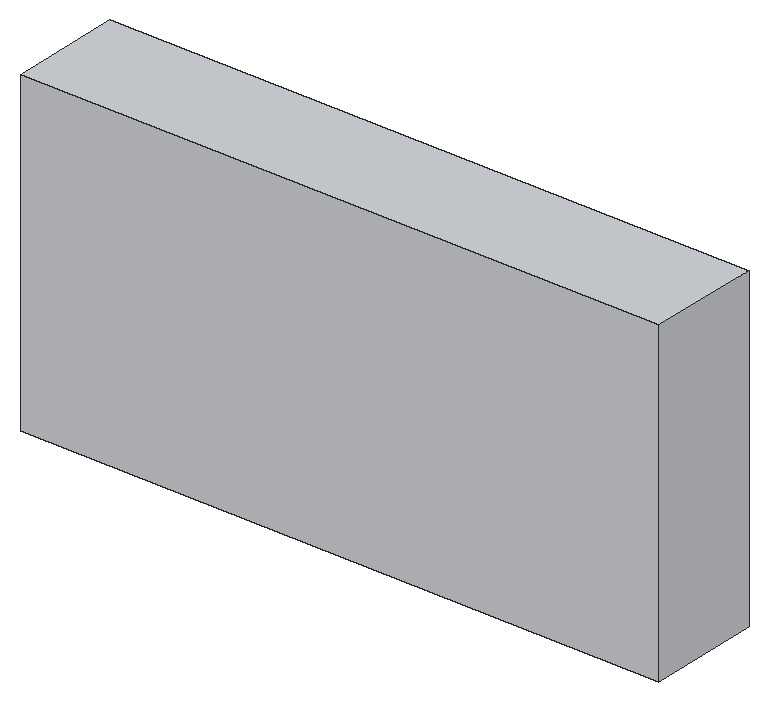
Revit family
Parameters
  Sign Thickness = 70 mm
  Height = 2200 mm
Reference planes
  plane 1 "Center (Front/Back)": y = -179.092
  plane 2: z = 0
  plane 3 "Center (Left/Right)": x = 0
  plane 4: z = 2200
  plane 5: y = -109.092
Forms (mm)
  Extrusion 1, solid
    sketch origin (0, -179.092, 0) x (1, 0, 0) y (0, 0, 1)
      loop
        line (200, 2100) -> (200, 2300) -> (-200, 2300) -> (-200, 2100) -> (200, 2100)
    from 0 to -70
Lines and regions (mm)
  model lines, style "Signage"
    curve 1: line (-186.667, -179.092, 2286.667) -> (186.667, -179.092, 2286.667)
    curve 2: line (186.667, -179.092, 2113.333) -> (-186.667, -179.092, 2113.333)
    curve 3: line (-186.667, -179.092, 2286.667) -> (-186.667, -179.092, 2113.333)
    curve 4: line (-161.521, -179.092, 2150.712) -> (-161.521, -179.092, 2162.191)
    curve 5: line (-161.521, -179.092, 2162.191) -> (-127.059, -179.092, 2162.191)
    curve 6: line (-112.277, -179.092, 2150.712) -> (-161.521, -179.092, 2150.712)
    curve 7: line (-112.277, -179.092, 2177.529) -> (-112.277, -179.092, 2150.712)
    curve 8: line (-87.618, -179.092, 2165.311) -> (-110.355, -179.092, 2177.529)
    curve 9: line (-87.618, -179.092, 2133.972) -> (-87.618, -179.092, 2165.311)
    curve 10: line (-74.498, -179.092, 2133.972) -> (-87.618, -179.092, 2133.972)
    curve 11: line (-74.498, -179.092, 2173.336) -> (-74.498, -179.092, 2133.972)
    curve 12: line (-100.728, -179.092, 2187.432) -> (-74.498, -179.092, 2173.336)
    curve 13: line (-87.703, -179.092, 2210.397) -> (-100.728, -179.092, 2187.432)
    curve 14: line (-87.703, -179.092, 2210.397) -> (-87.703, -179.092, 2196.317)
    curve 15: line (-46.399, -179.092, 2196.317) -> (-87.703, -179.092, 2196.317)
    curve 16: line (-46.399, -179.092, 2206.235) -> (-46.399, -179.092, 2196.317)
    curve 17: line (-46.399, -179.092, 2206.235) -> (-75.284, -179.092, 2206.235)
    curve 18: line (-75.284, -179.092, 2230.094) -> (-75.284, -179.092, 2206.235)
    curve 19: arc (-96.01, -179.092, 2240.796) -> (-87.517, -179.092, 2231.823) -> (-75.284, -179.092, 2230.094) r 18.724
    curve 20: line (-130.253, -179.092, 2240.796) -> (-96.01, -179.092, 2240.796)
    curve 21: line (-144.258, -179.092, 2214.764) -> (-130.253, -179.092, 2240.796)
    curve 22: line (-144.258, -179.092, 2214.764) -> (-144.258, -179.092, 2207.491)
    curve 23: line (-144.258, -179.092, 2207.491) -> (-134.668, -179.092, 2207.491)
    curve 24: line (-134.668, -179.092, 2207.491) -> (-122.065, -179.092, 2230.919)
    curve 25: line (-104.022, -179.092, 2230.919) -> (-122.065, -179.092, 2230.919)
    curve 26: line (-127.059, -179.092, 2190.3) -> (-104.022, -179.092, 2230.919)
    curve 27: line (-127.059, -179.092, 2162.191) -> (-127.059, -179.092, 2190.3)
    curve 28: arc (-63.758, -179.092, 2248.46) -> (-78.927, -179.092, 2263.629) -> (-94.095, -179.092, 2248.46) r 15.168
    curve 29: arc (-94.095, -179.092, 2248.46) -> (-78.927, -179.092, 2233.292) -> (-63.758, -179.092, 2248.46) r 15.168
    curve 30: line (96.822, -179.092, 2133.972) -> (96.822, -179.092, 2263.629)
    curve 31: line (96.822, -179.092, 2263.629) -> (166.312, -179.092, 2263.629)
    curve 32: line (166.312, -179.092, 2263.629) -> (166.312, -179.092, 2133.972)
    curve 33: line (166.312, -179.092, 2133.972) -> (96.822, -179.092, 2133.972)
    curve 34: line (87.643, -179.092, 2183.578) -> (65.468, -179.092, 2166.638)
    curve 35: line (65.468, -179.092, 2200.518) -> (87.643, -179.092, 2183.578)
    curve 36: line (-42.014, -179.092, 2189.233) -> (65.468, -179.092, 2189.233)
    curve 37: line (65.468, -179.092, 2189.233) -> (65.468, -179.092, 2200.518)
    curve 38: line (65.468, -179.092, 2166.638) -> (65.468, -179.092, 2177.924)
    curve 39: line (65.468, -179.092, 2177.924) -> (-42.014, -179.092, 2177.924)
    curve 40: line (-42.014, -179.092, 2189.233) -> (-42.014, -179.092, 2177.924)
    curve 41: line (186.667, -179.092, 2286.667) -> (186.667, -179.092, 2113.333)
  symbolic lines, style "2D Signage Placement Lines"
    curve 42: line (-150, -109.092, 0) -> (150, -109.092, 0)
    curve 43: line (0, -109.092, 0) -> (0, -259.092, 0)
Dimensions and locks
  "Height": plane 4 to level
  "Sign Thickness": plane 1 "Center (Front/Back)" to plane 5
  aligned and locked: Extrusion 1 to plane 5
  aligned and locked: plane 1 "Center (Front/Back)" to Extrusion 1
Automatic sketch dimensions
  plane 4 to Extrusion 1 sketch curve = 100 mm
  Extrusion 1 sketch curve to plane 3 "Center (Left/Right)" = 200 mm
  plane 3 "Center (Left/Right)" to Extrusion 1 sketch curve = 200 mm
  Extrusion 1 sketch curve to plane 4 = 100 mm
  curve 19 to curve 28 = 0 mm  (x2)
  curve 40 to plane 3 "Center (Left/Right)" = 42.014 mm
  plane 4 to curve 16 = 3.683 mm
  curve 16 to curve 36 = 4.385 mm
  curve 29 to curve 16 = 17.359 mm
  curve 10 to curve 39 = 32.484 mm
  curve 18 to curve 29 = 11.526 mm
  curve 29 to curve 29 = 15.168 mm
  curve 10 to curve 10 = 13.121 mm
  curve 14 to curve 17 = 12.419 mm
  curve 19 to curve 29 = 1.915 mm
  plane 4 to curve 12 = 12.568 mm
  curve 12 to curve 14 = 13.025 mm
  curve 26 to plane 4 = 30.919 mm
  curve 26 to curve 19 = 8.012 mm
  plane 4 to curve 8 = 22.471 mm
  curve 8 to curve 12 = 9.627 mm
  curve 7 to curve 8 = 1.922 mm
  curve 24 to curve 25 = 18.043 mm
  plane 4 to curve 26 = 9.7 mm
  curve 26 to curve 7 = 14.782 mm
  curve 20 to curve 24 = 8.188 mm
  curve 23 to plane 4 = 7.491 mm
  curve 23 to curve 26 = 7.609 mm
  curve 21 to plane 4 = 14.764 mm
  curve 21 to curve 23 = 9.589 mm
  curve 6 to curve 5 = 34.462 mm
  curve 1 to curve 20 = 56.413 mm
  plane 4 to curve 36 = 10.767 mm
  plane 3 "Center (Left/Right)" to curve 36 = 65.468 mm
  curve 39 to curve 36 = 0 mm
  plane 4 to curve 35 = 16.422 mm
  curve 38 to curve 35 = 22.174 mm
  curve 35 to curve 30 = 31.354 mm
  curve 30 to curve 32 = 69.49 mm
  curve 32 to curve 2 = 20.355 mm
  plane 4 to curve 2 = 86.667 mm
  curve 30 to curve 34 = 49.606 mm
  curve 10 to curve 8 = 43.556 mm
  curve 6 to curve 8 = 26.817 mm
  curve 6 to curve 27 = 11.479 mm
  curve 8 to curve 12 = 22.121 mm
  curve 38 to curve 36 = 22.595 mm
  curve 8 to curve 11 = 8.026 mm
  curve 7 to curve 8 = 0 mm
  curve 34 to curve 39 = 11.286 mm
  curve 35 to plane 4 = 0.518 mm
  curve 18 to plane 4 = 6.235 mm
  curve 13 to plane 4 = 10.397 mm
  curve 13 to curve 19 = 19.697 mm
  curve 24 to curve 20 = 9.877 mm
  curve 30 to plane 4 = 63.629 mm
  curve 20 to curve 1 = 45.87 mm
  curve 42 to plane 5 = 0 mm
  curve 43 to plane 3 "Center (Left/Right)" = 0 mm
  curve 42 to curve 43 = 150 mm
  plane 3 "Center (Left/Right)" to curve 42 = 150 mm
  plane 1 "Center (Front/Back)" to curve 43 = 80 mm
